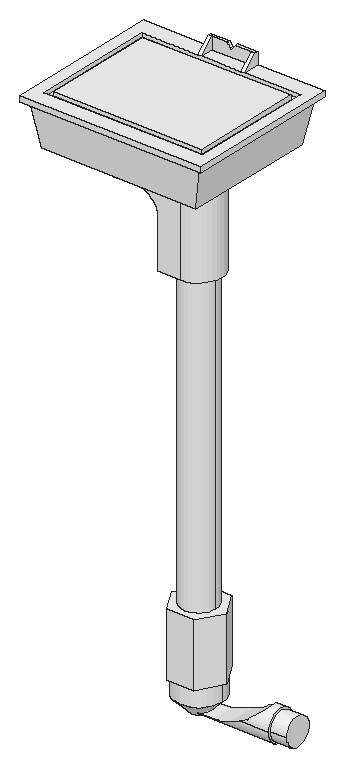
Revit family "MHY-25", category Plumbing Fixtures, host Face, Revit 2026
Family settings
  Host = Face
  Round Connector Dimension = Use Diameter
  Part Type = Normal
  Classification Number = 23.45.55.21
  Enable Cutting in Views = No
  Cut with Voids When Loaded = No
  Maintain Annotation Orientation = No
  Shared = No
  Room Calculation Point = No
Parameters (values of type "MHY-25-16")
  Wall Thikness = 16.000"
  WFU = 0
  URL = "www.mifab.com"
  Model = "MHY-25"
  Manufacturer = "MIFAB"
  Hydrant Material = Chrome Plated
  Description = "Encased Non-Freeze Wall Hydrant"
  Default Elevation = 0.000"
Types (11): name | Wall Thikness
  (no name) | 16.000"
  MHY-25-6 | 6.000"
  MHY-25-8 | 8.000"
  MHY-25-10 | 10.000"
  MHY-25-12 | 12.000"
  MHY-25-14 | 14.000"
  MHY-25-16 | 16.000"
  MHY-25-18 | 18.000"
  MHY-25-20 | 20.000"
  MHY-25-22 | 22.000"
  MHY-25-24 | 24.000"
Reference planes (in)
  plane 1 "Center (Front/Back)": y = 0
  plane 2: z = 0
  plane 3 "Center (Left/Right)": x = 0
  plane 4: z = -16.2
  plane 5: z = -19.711
  plane 6: z = -0.2
  plane 7: z = -1.95
  plane 8: z = -5.364
  plane 9: x = 0.966
Forms (in)
  Extrusion 1, solid, material "Chrome Plated" <- "Hydrant Material"
    sketch origin (-0.41379, 0, -10.36788) x (1, 0, 0) y (0, 1, 0)
      loop
        circle (1.38, 0) r 0.625
    from -5.83212 to 5.00388
  Extrusion 2, solid, material "Chrome Plated" <- "Hydrant Material"
    sketch origin (-0.41379, 0, -18.00514) x (1, 0, 0) y (0, 1, 0)
      loop
        line (-1.62512, 0.95206) -> (-1.62512, -0.95974) -> (2.64683, -0.95974) -> (2.64683, 0.95206) -> (-1.62512, 0.95206)
    from 16.74065 to 16.30514
  Extrusion 3, solid, material "Chrome Plated" <- "Hydrant Material"
    sketch origin (-0.41379, 0, -18.00514) x (1, 0, 0) y (0, 1, 0)
      loop
        arc (1.38, -0.8125) -> (2.1925, 0) -> (1.38, 0.8125) r 0.8125
        line (1.38, 0.8125) -> (1.38, -0.8125)
    from 12.64114 to 16.74065
  Extrusion 4, solid, material "Chrome Plated" <- "Hydrant Material"
    sketch origin (-0.41379, 0, -18.00514) x (1, 0, 0) y (0, 0, 1)
      loop
        line (-1.398, 16.30514) -> (-1.398, 16.00896) -> (-1.055, 15.96596) -> (-1.055, 15.1529) -> (-0.24047, 15.1529)
        arc (-0.24047, 15.1529) -> (0.31997, 14.92075) -> (0.55211, 14.36031) r 0.79258
        line (0.55211, 14.36031) -> (0.55211, 12.64114) -> (1.38, 12.64114) -> (1.38, 16.30514) -> (-1.398, 16.30514)
    from -0.8125 to 0.8125
  Extrusion 5, solid
    sketch origin (-0.41379, 0, -18.00514) x (1, 0, 0) y (0, 1, 0)
      loop
        circle (-0.38412, 0) r 0.739
    from 16.30514 to 16.37894
  Extrusion 6, solid
    sketch origin (-0.41379, 0, -18.00514) x (1, 0, 0) y (0, 1, 0)
      loop
        circle (-0.38412, 0) r 0.70723
    from 16.37894 to 16.74065
  Extrusion 7, solid
    sketch origin (-0.41379, 0, -18.00514) x (1, 0, 0) y (0, 1, 0)
      loop
        circle (-0.38412, 0) r 0.444
    from 16.74065 to 17.43692
  Extrusion 8, solid
    sketch origin (-0.41379, 0, -18.00514) x (1, 0, 0) y (0, 1, 0)
      loop
        line (0.7505, 0) -> (1.06525, -0.54516) -> (1.69475, -0.54516) -> (2.0095, 0) -> (1.69475, 0.54516) -> (1.06525, 0.54516) -> (0.7505, 0)
    from 16.30514 to 16.74065
  Extrusion 9, solid
    sketch origin (1.35033, 0, -18.00514) x (1, 0, 0) y (0, 1, 0)
      loop
        circle (-0.38412, 0) r 0.444
    from 16.74065 to 17.3299
  Extrusion 10, solid, material "Chrome Plated" <- "Hydrant Material"
    sketch origin (-0.61086, 0, -10.36788) x (1, 0, 0) y (0, 1, 0)
      loop
        line (-2.46414, 2.60866) -> (-2.46414, -2.60866) -> (3.68586, -2.60866) -> (3.68586, 2.60866) -> (-2.46414, 2.60866)
    from 10.16788 to 8.66788
  Extrusion 11, solid, material "Chrome Plated" <- "Hydrant Material"
    sketch origin (-0.41379, 0, -10.36788) x (1, 0, 0) y (0, 1, 0)
      loop
        line (-2.86121, 2.80866) -> (-2.86121, -2.80866) -> (3.68879, -2.80866) -> (3.68879, 2.80866) -> (-2.86121, 2.80866)
    from 10.16788 to 10.36788
  Extrusion 12, void
    sketch origin (-0.41379, 0, -10.36788) x (1, 0, 0) y (0, 0, 1)
      loop
        line (3.48879, 10.16788) -> (3.2243, 8.66788) -> (3.48879, 8.66788) -> (3.48879, 10.16788)
      loop
        line (-2.66121, 10.16788) -> (-2.66121, 8.66788) -> (-2.39672, 8.66788) -> (-2.66121, 10.16788)
    from -2.60866 to 2.60866
  Extrusion 13, void
    sketch origin (-0.41379, 0, -10.36788) x (0, 1, 0) y (0, 0, 1)
      loop
        line (2.60866, 10.16788) -> (2.34417, 8.66788) -> (2.60866, 8.66788) -> (2.60866, 10.16788)
      loop
        line (-2.60866, 10.16788) -> (-2.60866, 7.98238) -> (-2.34417, 7.98238) -> (-2.60866, 10.16788)
    from -2.66121 to 3.48879
  Extrusion 14, solid, material "Chrome Plated" <- "Hydrant Material"
    sketch origin (-10.41379, 0, -10.36788) x (0, 1, 0) y (0, 0, 1)
      loop
        circle (0, -8.79102) r 0.55209
    from 14.36303 to 11.5
  Extrusion 15, void
    sketch origin (-0.94551, 0, -10.42881) x (1, 0, 0) y (0, 0, 1)
      loop
        arc (2.03172, -9.10191) -> (3.49165, -8.89305) -> (4.71313, -8.06661) r 3.28544
        line (4.71313, -8.06661) -> (2.03172, -8.06661) -> (2.03172, -9.10191)
    from -0.8125 to 0.95974
  Extrusion 16, solid, material "Chrome Plated" <- "Hydrant Material"
    sketch origin (-0.95076, 0, -10.36788) x (0, 1, 0) y (0, 0, 1)
      loop
        circle (0, -8.79102) r 0.5
    from 4.9 to 5.5
  Revolve 17, solid, material "Chrome Plated" <- "Hydrant Material"
    sketch origin (0, 0, 0) x (1, 0, 0) y (0, 0, 1)
      loop
        line (0.98038, -16.2) -> (0.13816, -16.2) -> (0.13816, -19.15891) -> (0.69025, -19.711) -> (0.98038, -19.711) -> (0.98038, -16.2)
      axis (0.98038, -16.2) -> (0.98038, -19.711)
    angle from 0 to 360
  Extrusion 18, solid, material "Chrome Plated" <- "Hydrant Material"
    sketch origin (-8.22916, -180, -16.2) x (0, -1, 0) y (-1, 0, 0)
      loop
        line (-180.88671, -9.69718) -> (-179.96366, -10.2301) -> (-179.10612, -9.735) -> (-179.10612, -8.73898) -> (-180, -8.2229) -> (-180.88671, -8.73484) -> (-180.88671, -9.69718)
    from 0 to 2.29542
  Extrusion 19, solid, material "Chrome Plated" <- "Hydrant Material"
    sketch origin (-1.13208, 0.04295, -2.50134) x (1, 0, 0) y (0, 0, 1)
      loop
        line (0.2968, 2.50134) -> (1.9762, 2.50134) -> (1.9762, 2.93384) -> (1.28098, 2.93384) -> (1.13208, 2.73242) -> (0.96898, 2.93384) -> (0.2968, 2.93384) -> (0.2968, 2.50134)
    from -2.7657 to -2.6454
  Extrusion 20, solid, material "Chrome Plated" <- "Hydrant Material"
    sketch origin (-1.13208, 0.04295, -2.50134) x (0, 1, 0) y (0, 0, 1)
      loop
        line (2.6454, 2.93384) -> (2.17714, 2.50134) -> (2.6454, 2.50134) -> (2.6454, 2.93384)
    from 0.2968 to 0.4165
  Extrusion 21, solid, material "Chrome Plated" <- "Hydrant Material"
    sketch origin (1.13208, 0.04295, -2.50134) x (0, 1, 0) y (0, 0, -1)
      loop
        line (2.6454, -2.93384) -> (2.6454, -2.50134) -> (2.17714, -2.50134) -> (2.6454, -2.93384)
    from 0.28797 to 0.40767
  Extrusion 22, void
    sketch origin (0, 0, 0) x (1, 0, 0) y (0, 1, 0)
      loop
        line (-2.88203, 2.22009) -> (-2.88203, -2.22009) -> (2.88203, -2.22009) -> (2.88203, 2.22009) -> (-2.88203, 2.22009)
      loop
        line (-2.68203, 2.02009) -> (-2.68203, -2.02009) -> (2.68203, -2.02009) -> (2.68203, 2.02009) -> (-2.68203, 2.02009)
    from 0 to -0.13364
Cuts and joins
  Extrusion 12, Extrusion 13 cuts Extrusion 10
  Extrusion 22 cuts Extrusion 11
  Extrusion 15 cuts Extrusion 14
  joined: Extrusion 1, Extrusion 2, Extrusion 3, Extrusion 4, Extrusion 10, Extrusion 11, Extrusion 14, Extrusion 16, Revolve 17, Extrusion 18, Extrusion 19, Extrusion 20, Extrusion 21
Lines and regions (in)
  symbolic lines, style "PlumbingFixtures"
    curve 1: line (-3.38528, 2.8125, 0) -> (3.36472, 2.8125, 0)
    curve 2: line (-3.38528, -2.8125, 0) -> (-3.38528, 2.8125, 0)
    curve 3: line (3.36472, -2.8125, 0) -> (-3.38528, -2.8125, 0)
    curve 4: line (3.36472, 2.8125, 0) -> (3.36472, -2.8125, 0)
  symbolic lines
    curve 5: line (-3.38528, 2.8125, -16.2) -> (3.36472, 2.8125, -16.2)
    curve 6: line (-3.38528, -2.8125, -16.2) -> (-3.38528, 2.8125, -16.2)
    curve 7: line (3.36472, -2.8125, -16.2) -> (-3.38528, -2.8125, -16.2)
    curve 8: line (3.36472, 2.8125, -16.2) -> (3.36472, -2.8125, -16.2)
Dimensions and locks (in)
  locked: Extrusion 11 sketch curve to Extrusion 11 sketch curve at 5.61731
  locked: Extrusion 11 sketch curve to Extrusion 11 sketch curve at 6.55
  locked: Extrusion 11 to Extrusion 11 at 0.2
  Extrusion 15 sketch curve to Extrusion 15 sketch curve = 1.0353"
  Extrusion 11 sketch curve to Extrusion 11 sketch curve = 5.61731"
  locked: plane 4 to plane 5 at 3.511
  locked: Revolve 17 sketch curve to Revolve 17 sketch curve at 2.95891
  locked: Revolve 17 sketch curve to Revolve 17 sketch curve at 0.29013
  locked: plane 7 to plane 8 at 3.414
  locked: plane 6 to plane 8 at 5.164
  "Wall Thikness": plane 6 to plane 4
  curve 2 to curve 4 = 6.750"  (x2)
  curve 4 to curve 2 = 6.750"
  plane 3 "Center (Left/Right)" to plane 9 = 0.966"
  aligned and locked: plane 2 to host face
  aligned and locked: level to host face
  aligned and locked: Extrusion 4 to Extrusion 1
  aligned and locked: Extrusion 2 to Extrusion 10
  aligned and locked: Extrusion 11 to Extrusion 10
  aligned and locked: Extrusion 12 to Extrusion 10
  aligned and locked: Extrusion 13 to Extrusion 10
  aligned and locked: Extrusion 3 to Extrusion 1
  aligned and locked: Extrusion 4 to Extrusion 3
  aligned and locked: Extrusion 2 to Extrusion 3
  aligned and locked: Extrusion 11 to plane 6
  aligned and locked: Extrusion 5 to Extrusion 2
  aligned and locked: Extrusion 2 to Extrusion 8
  aligned and locked: Extrusion 5 to Extrusion 8
  aligned and locked: Extrusion 6 to Extrusion 5
  aligned and locked: Extrusion 6 to Extrusion 7
  aligned and locked: Extrusion 7 to Extrusion 8
  aligned and locked: Extrusion 6 to Extrusion 9
  aligned and locked: Extrusion 8 to Extrusion 6
  aligned and locked: plane 6 to Extrusion 11
  aligned and locked: level to Extrusion 11
  aligned and locked: Extrusion 15 to Extrusion 2
  aligned and locked: Extrusion 15 to Extrusion 3
  aligned and locked: Extrusion 1 to plane 4
  aligned and locked: Revolve 17 sketch curve to Revolve 17 sketch curve  (x2)
  aligned and locked: plane 4 to Revolve 17 sketch curve
  aligned and locked: Revolve 17 sketch curve to plane 5
  aligned and locked: Extrusion 3 to plane 8
  aligned and locked: host face to Extrusion 11
  aligned and locked: Extrusion 18 to Extrusion 15
  aligned and locked: host face to cut or joined group of Extrusion 1, Extrusion 2, Extrusion 3, Extrusion 4, Extrusion 10, Extrusion 11, Extrusion 12, Extrusion 13, Extrusion 14, Extrusion 15, Extrusion 16, Revolve 17, Extrusion 18, Extrusion 19, Extrusion 20, Extrusion 21, Extrusion 22
  aligned and locked: host face to Extrusion 6
  aligned and locked: Extrusion 4 to Extrusion 2
  aligned and locked: curve 5 to curve 1
  aligned and locked: curve 6 to curve 2
  aligned and locked: curve 7 to curve 3
  aligned and locked: curve 8 to curve 4
Automatic sketch dimensions
  host sketch curve to host sketch curve = 20.58785"
  host sketch curve to host sketch curve = 16.42037"
  plane 1 "Center (Front/Back)" to Extrusion 1 sketch curve = 0.000"
  plane 3 "Center (Left/Right)" to Extrusion 1 sketch curve = 0.96621"
  Extrusion 2 sketch curve to plane 1 "Center (Front/Back)" = 0.95206"
  Extrusion 2 sketch curve to plane 3 "Center (Left/Right)" = 2.03891"
  plane 1 "Center (Front/Back)" to Extrusion 2 sketch curve = 0.95974"
  plane 3 "Center (Left/Right)" to Extrusion 2 sketch curve = 2.23304"
  plane 3 "Center (Left/Right)" to Extrusion 3 sketch curve = 0.96621"
  plane 1 "Center (Front/Back)" to Extrusion 3 sketch curve = 0.8125"
  plane 1 "Center (Front/Back)" to Extrusion 3 sketch curve = 0.000"
  plane 1 "Center (Front/Back)" to Extrusion 5 sketch curve = 0.000"
  Extrusion 5 sketch curve to plane 3 "Center (Left/Right)" = 0.79791"
  plane 1 "Center (Front/Back)" to Extrusion 6 sketch curve = 0.000"
  Extrusion 6 sketch curve to plane 3 "Center (Left/Right)" = 0.79791"
  plane 1 "Center (Front/Back)" to Extrusion 7 sketch curve = 0.000"
  Extrusion 7 sketch curve to plane 3 "Center (Left/Right)" = 0.79791"
  plane 1 "Center (Front/Back)" to Extrusion 8 sketch curve = 0.000"  (x2)
  plane 3 "Center (Left/Right)" to Extrusion 8 sketch curve = 0.33671"
  plane 1 "Center (Front/Back)" to Extrusion 8 sketch curve = 0.54516"
  Extrusion 8 sketch curve to Extrusion 8 sketch curve = 0.31475"  (x3)
  Extrusion 8 sketch curve to plane 1 "Center (Front/Back)" = 0.54516"
  Extrusion 8 sketch curve to Extrusion 8 sketch curve = 0.6295"  (x2)
  plane 1 "Center (Front/Back)" to Extrusion 9 sketch curve = 0.000"
  plane 3 "Center (Left/Right)" to Extrusion 9 sketch curve = 0.96621"
  Extrusion 10 sketch curve to plane 3 "Center (Left/Right)" = 3.075"
  plane 1 "Center (Front/Back)" to Extrusion 10 sketch curve = 2.60866"
  plane 3 "Center (Left/Right)" to Extrusion 10 sketch curve = 3.075"
  Extrusion 10 sketch curve to plane 1 "Center (Front/Back)" = 2.60866"
  Extrusion 11 sketch curve to plane 3 "Center (Left/Right)" = 3.275"
  plane 1 "Center (Front/Back)" to Extrusion 11 sketch curve = 2.80866"
  Extrusion 12 sketch curve to plane 6 = 0.000"  (x2)
  Extrusion 12 sketch curve to plane 3 "Center (Left/Right)" = 3.075"
  plane 7 to Extrusion 12 sketch curve = 0.250"  (x2)
  Extrusion 12 sketch curve to Extrusion 12 sketch curve = 0.26449"  (x2)
  plane 3 "Center (Left/Right)" to Extrusion 12 sketch curve = 2.81051"
  Extrusion 13 sketch curve to plane 6 = 0.000"  (x2)
  plane 1 "Center (Front/Back)" to Extrusion 13 sketch curve = 2.60866"
  Extrusion 13 sketch curve to plane 7 = 0.43551"
  Extrusion 13 sketch curve to Extrusion 13 sketch curve = 0.26449"  (x2)
  plane 7 to Extrusion 13 sketch curve = 0.250"
  Extrusion 13 sketch curve to plane 1 "Center (Front/Back)" = 2.34417"
  Extrusion 14 sketch curve to plane 1 "Center (Front/Back)" = 0.000"
  plane 5 to Extrusion 14 sketch curve = 0.55209"
  plane 3 "Center (Left/Right)" to Extrusion 15 sketch curve = 1.08621"
  plane 5 to Extrusion 15 sketch curve = 0.18028"
  Extrusion 15 sketch curve to Extrusion 15 sketch curve = 2.68141"
  Extrusion 15 sketch curve to plane 4 = 0.05695"
  Extrusion 16 sketch curve to plane 1 "Center (Front/Back)" = 0.000"
  plane 5 to Extrusion 16 sketch curve = 0.55209"
  plane 3 "Center (Left/Right)" to Revolve 17 sketch curve = 0.13816"
  plane 3 "Center (Left/Right)" to Revolve 17 sketch curve = 0.69025"
  Revolve 17 sketch curve to plane 5 = 1.739"
  plane 1 "Center (Front/Back)" to Extrusion 18 sketch curve = 0.03634"
  plane 1 "Center (Front/Back)" to Extrusion 18 sketch curve = 0.000"
  Extrusion 18 sketch curve to plane 3 "Center (Left/Right)" = 0.00626"
  Extrusion 18 sketch curve to plane 1 "Center (Front/Back)" = 0.88671"
  plane 1 "Center (Front/Back)" to Extrusion 18 sketch curve = 0.89388"
  plane 3 "Center (Left/Right)" to Extrusion 18 sketch curve = 0.50568"
  plane 3 "Center (Left/Right)" to Extrusion 18 sketch curve = 0.50982"
  plane 9 to Extrusion 18 sketch curve = 0.53985"
  plane 9 to Extrusion 18 sketch curve = 0.50202"
  plane 9 to Extrusion 18 sketch curve = 1.03494"
  Extrusion 19 sketch curve to plane 3 "Center (Left/Right)" = 0.83528"
  level to Extrusion 19 sketch curve = 0.000"
  Extrusion 19 sketch curve to plane 3 "Center (Left/Right)" = 0.1631"
  Extrusion 19 sketch curve to plane 3 "Center (Left/Right)" = 0.000"
  plane 3 "Center (Left/Right)" to Extrusion 19 sketch curve = 0.1489"
  plane 3 "Center (Left/Right)" to Extrusion 19 sketch curve = 0.84411"
  Extrusion 19 sketch curve to Extrusion 19 sketch curve = 0.23109"
  Extrusion 19 sketch curve to Extrusion 19 sketch curve = 0.20141"  (x2)
  Extrusion 20 sketch curve to plane 1 "Center (Front/Back)" = 2.22009"
  level to Extrusion 20 sketch curve = 0.000"
  Extrusion 20 sketch curve to Extrusion 20 sketch curve = 0.46827"
  Extrusion 20 sketch curve to Extrusion 20 sketch curve = 0.4325"
  Extrusion 21 sketch curve to plane 1 "Center (Front/Back)" = 2.22009"
  Extrusion 21 sketch curve to plane 1 "Center (Front/Back)" = 2.68835"
  level to Extrusion 21 sketch curve = 0.4325"
  Extrusion 21 sketch curve to Extrusion 21 sketch curve = 0.4325"
  curve 3 to plane 3 "Center (Left/Right)" = 3.38528"
  plane 1 "Center (Front/Back)" to curve 3 = 2.8125"
  curve 2 to plane 1 "Center (Front/Back)" = 2.8125"
  Extrusion 22 sketch curve to plane 3 "Center (Left/Right)" = 2.88203"
  plane 1 "Center (Front/Back)" to Extrusion 22 sketch curve = 2.22009"
  plane 3 "Center (Left/Right)" to Extrusion 22 sketch curve = 2.88203"
  Extrusion 22 sketch curve to plane 1 "Center (Front/Back)" = 2.22009"
  Extrusion 22 sketch curve to Extrusion 22 sketch curve = 0.200"  (x4)
  Extrusion 4 sketch curve to plane 8 = 0.000"
  plane 7 to Extrusion 4 sketch curve = 0.250"
  Extrusion 4 sketch curve to plane 3 "Center (Left/Right)" = 1.81179"
  plane 3 "Center (Left/Right)" to Extrusion 4 sketch curve = 0.13832"
  Extrusion 4 sketch curve to plane 7 = 1.69483"
  Extrusion 4 sketch curve to Extrusion 4 sketch curve = 0.343"
  Extrusion 4 sketch curve to plane 3 "Center (Left/Right)" = 0.65426"
  plane 3 "Center (Left/Right)" to Extrusion 4 sketch curve = 0.96621"
  Extrusion 4 sketch curve to plane 7 = 0.08918"
  Extrusion 4 sketch curve to plane 7 = 0.04618"
  radius of Extrusion 1 sketch curve = 0.625"
  radius of Extrusion 5 sketch curve = 0.739"
  radius of Extrusion 6 sketch curve = 0.70723"
  radius of Extrusion 7 sketch curve = 0.444"
  radius of Extrusion 9 sketch curve = 0.444"
  radius of Extrusion 14 sketch curve = 0.55209"
  radius of Extrusion 16 sketch curve = 0.500"
Connectors (in)
  piping at (4.54924, 0, -19.15891), diameter 1
    settings: on Extrusion 16, index 3, connector inside diameter 1", connector length 0.000", flow factor 0, pipe flow 0 GPM, pressure drop 0.00 psi, fitting loss kfactor 0, connector angle 0.00°, fixture units 0, engagement length 0.000", angle of deflection 0.00°, flow configuration 0, flow direction 0, fitting loss method 0, system type 7, joint type 0, gender type 0, connector reference index -1, connector utility 0, adjustable connector no, is connector primary yes, connector description "Inlet"
